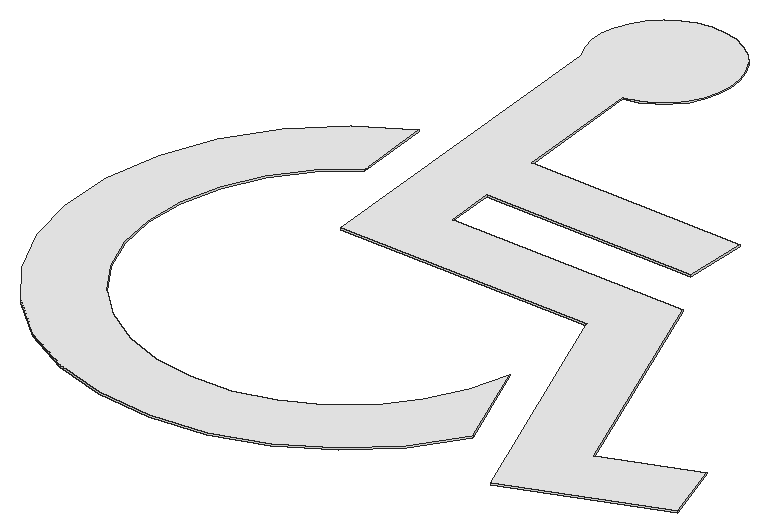
Revit family "M_Símbolo de estacionamento - ADA", category Terreno, Revit 2019
Family settings
  Cota do conector redondo = Utilizar diâmetro
  Tipo de parte = Normal
  ID de item do Seek = Parking Symbol - ADA-0000-CAN-ENU
  Com base no plano de trabalho = Não
  Sempre na vertical = Não
  Corte com vazios quando carregada = Não
  Compartilhado = Não
Reference planes
  plane 1 "Centro (Frente/Trás)": y = 0
  plane 2: z = 0
  plane 3 "Centro (Esquerda/Direita)": x = 0
Forms (mm)
  Extrusion 1, solid, material "Pintura - Branco"
    sketch origin (0, 0, 0) x (1, 0, 0) y (0, 1, 0)
      loop
        arc (16.539, 256.733) -> (33.408, 381.774) -> (-51.198, 288.17) r 66.045
        line (-51.198, 288.17) -> (-25.877, -44.022) -> (221, -44.022) -> (320.7, -289.21) -> (463.129, -232.263) -> (441.965, -170.56) -> (356.655, -204.669) -> (264.839, 21.129) -> (34.497, 21.129) -> (30.902, 68.291) -> (235.243, 68.291) -> (235.243, 129.983) -> (26.2, 129.983) -> (16.539, 256.733)
      loop
        line (-69.652, 40.392) -> (-75.437, 116.279)
        arc (-75.437, 116.279) -> (-148.737, -292.028) -> (262.753, -239.464) r 257.27
        line (262.753, -239.464) -> (224.079, -144.353)
        arc (224.079, -144.353) -> (-62.738, -274.492) -> (-69.652, 40.392) r 188.69
    from 0 to 1.587
